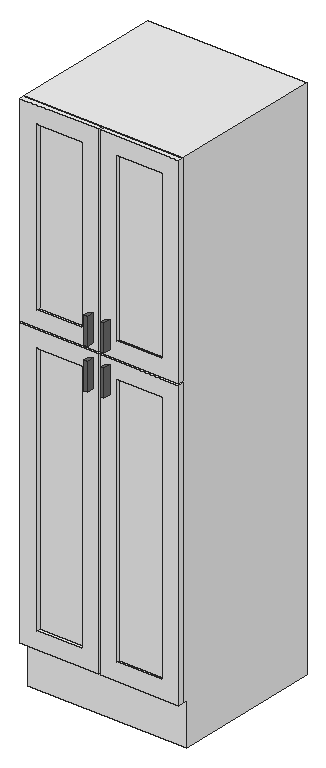
Revit family "M_Armário alto-Porta dupla(4)", category Componentes de gabinete, Revit 2019
Family settings
  Número OmniClass = 23.40.35.17.47.11
  Título OmniClass = Kitchen Casework
  ID de item do Seek = Tall Cabinet-Double Door(4)-0000-CAN-ENU
  Com base no plano de trabalho = Não
  Sempre na vertical = Sim
  Corte com vazios quando carregada = Não
  Compartilhado = Não
  Ponto de cálculo do ambiente = Não
Parameters (values of type "600mm")
  Material do armário = none
  Linear = 600 mm
  Material da porta/gaveta = none
  Material do puxador = Armários - Puxadores
  Altura = 2000 mm
  Material do painel = Armários - Painel
  Profundidade da plataforma = 35 mm
  Altura do plinto = 160 mm
  Width = 600 mm
Types (3, lengths in mm): name | Width
  (no name) | 600
  1000mm | 1000
  600mm | 600
Reference planes
  plane 1 "Parte posterior": y = 0
  plane 2: z = 1.587
  plane 3 "Centro": x = 18.738
  plane 4 "Esquerda": x = -281.262
  plane 5 "Direita": x = 318.738
  plane 6 "Parte frontal": y = -600
  plane 7 "Superior": z = 2000
  plane 8: y = -565
  plane 9: z = 161.587
  plane 10: z = 703.068
  plane 11: z = 1244.548
  plane 12: z = 1622.274
Forms (mm)
  Extrusion 1, solid, material <- "Material do armário"
    sketch origin (0, -600, 0) x (1, 0, 0) y (0, 0, 1)
      loop
        line (-281.262, 161.587) -> (318.738, 161.587) -> (318.738, 2000) -> (-281.262, 2000) -> (-281.262, 161.587)
      loop
        line (-262.212, 1980.95) -> (-262.212, 180.637) -> (299.688, 180.637) -> (299.688, 1980.95) -> (-262.212, 1980.95)
    from -19.05 to -600
  Extrusion 2, solid, material <- "Material do armário"
    sketch origin (0, 0, 0) x (1, 0, 0) y (0, 0, 1)
      loop
        line (-262.212, 1980.95) -> (-262.212, 180.637) -> (299.688, 180.637) -> (299.688, 1980.95) -> (-262.212, 1980.95)
    from 0 to 19.05
  Extrusion 3, solid, material <- "Material da porta/gaveta"
    sketch origin (0, -600, 0) x (1, 0, 0) y (0, 0, 1)
      loop
        line (-281.262, 2000) -> (-281.262, 1247.723) -> (15.563, 1247.723) -> (15.563, 2000) -> (-281.262, 2000)
      loop
        line (318.738, 2000) -> (21.913, 2000) -> (21.913, 1247.723) -> (318.738, 1247.723) -> (318.738, 2000)
      loop
        line (318.738, 161.587) -> (318.738, 1241.373) -> (21.913, 1241.373) -> (21.913, 161.587) -> (318.738, 161.587)
      loop
        line (-281.262, 161.587) -> (15.563, 161.587) -> (15.563, 1241.373) -> (-281.262, 1241.373) -> (-281.262, 161.587)
      loop
        line (-217.762, 1936.5) -> (-217.762, 1308.048) -> (-44.762, 1308.048) -> (-44.762, 1936.5) -> (-217.762, 1936.5)
      loop
        line (82.238, 1936.5) -> (82.238, 1308.048) -> (255.238, 1308.048) -> (255.238, 1936.5) -> (82.238, 1936.5)
      loop
        line (-217.762, 1181.048) -> (-217.762, 225.087) -> (-44.762, 225.087) -> (-44.762, 1181.048) -> (-217.762, 1181.048)
      loop
        line (255.238, 1181.048) -> (82.238, 1181.048) -> (82.238, 225.087) -> (255.238, 225.087) -> (255.238, 1181.048)
    from 0 to -19.05
  Extrusion 4, solid, material <- "Material do armário"
    sketch origin (0, 0, 1.587) x (1, 0, 0) y (0, 1, 0)
      loop
        line (-281.262, 0) -> (-281.262, -565) -> (318.738, -565) -> (318.738, 0) -> (-281.262, 0)
    from 0 to 160
  Extrusion 5, solid, material "Armários - Painel" <- "Material do painel"
    sketch origin (0, -600, 0) x (1, 0, 0) y (0, 0, 1)
      loop
        line (-217.762, 1936.5) -> (-217.762, 1308.048) -> (-44.762, 1308.048) -> (-44.762, 1936.5) -> (-217.762, 1936.5)
      loop
        line (82.238, 1936.5) -> (82.238, 1308.048) -> (255.238, 1308.048) -> (255.238, 1936.5) -> (82.238, 1936.5)
      loop
        line (-217.762, 1181.048) -> (-217.762, 225.087) -> (-44.762, 225.087) -> (-44.762, 1181.048) -> (-217.762, 1181.048)
      loop
        line (82.238, 1181.048) -> (82.238, 225.087) -> (255.238, 225.087) -> (255.238, 1181.048) -> (82.238, 1181.048)
    from -12.7 to -19.05
  Extrusion 6, solid, material "Armários - Puxadores" <- "Material do puxador"
    sketch origin (0, -600, 0) x (1, 0, 0) y (0, 0, 1)
      loop
        line (-19.195, 1371.548) -> (-19.195, 1269.948) -> (-6.662, 1269.948) -> (-6.662, 1371.548) -> (-19.195, 1371.548)
      loop
        line (44.138, 1371.548) -> (44.138, 1269.948) -> (56.67, 1269.948) -> (56.67, 1371.548) -> (44.138, 1371.548)
      loop
        line (-19.195, 1219.148) -> (-19.195, 1117.548) -> (-6.662, 1117.548) -> (-6.662, 1219.148) -> (-19.195, 1219.148)
      loop
        line (44.138, 1219.148) -> (44.138, 1117.548) -> (56.67, 1117.548) -> (56.67, 1219.148) -> (44.138, 1219.148)
    from 0 to 25.4
Cuts and joins
  joined: Extrusion 1, Extrusion 2, Extrusion 4
Lines and regions (mm)
  Masking region 1
    outline origin (0, 0, 1.587) x (1, 0, 0) y (0, 1, 0)
      loop
        line (-281.262, 0) -> (-281.262, -600) -> (318.738, -600) -> (318.738, 0) -> (-281.262, 0)
  model lines
    curve 1: line (255.238, -600, 225.087) -> (82.238, -600, 225.087)
    curve 2: line (255.238, -600, 1181.048) -> (255.238, -600, 225.087)
    curve 3: line (82.238, -600, 1181.048) -> (255.238, -600, 1181.048)
    curve 4: line (82.238, -600, 225.087) -> (82.238, -600, 1181.048)
    curve 5: line (-44.762, -600, 225.087) -> (-217.762, -600, 225.087)
    curve 6: line (-44.762, -600, 1181.048) -> (-44.762, -600, 225.087)
    curve 7: line (-217.762, -600, 1181.048) -> (-44.762, -600, 1181.048)
    curve 8: line (-217.762, -600, 225.087) -> (-217.762, -600, 1181.048)
    curve 9: line (-217.762, -600, 1936.5) -> (-44.762, -600, 1936.5)
    curve 10: line (-217.762, -600, 1308.048) -> (-217.762, -600, 1936.5)
    curve 11: line (-44.762, -600, 1308.048) -> (-217.762, -600, 1308.048)
    curve 12: line (-44.762, -600, 1936.5) -> (-44.762, -600, 1308.048)
    curve 13: line (82.238, -600, 1936.5) -> (255.238, -600, 1936.5)
    curve 14: line (82.238, -600, 1308.048) -> (82.238, -600, 1936.5)
    curve 15: line (255.238, -600, 1308.048) -> (82.238, -600, 1308.048)
    curve 16: line (255.238, -600, 1936.5) -> (255.238, -600, 1308.048)
    curve 17: line (-281.262, -600, 1244.548) -> (318.738, -600, 1244.548)
    curve 18: line (44.138, -600, 1269.948) -> (56.67, -600, 1269.948)
    curve 19: line (44.138, -600, 1371.548) -> (44.138, -600, 1269.948)
    curve 20: line (56.67, -600, 1371.548) -> (44.138, -600, 1371.548)
    curve 21: line (56.67, -600, 1269.948) -> (56.67, -600, 1371.548)
    curve 22: line (-6.662, -600, 1269.948) -> (-19.195, -600, 1269.948)
    curve 23: line (-6.662, -600, 1371.548) -> (-6.662, -600, 1269.948)
    curve 24: line (-19.195, -600, 1371.548) -> (-6.662, -600, 1371.548)
    curve 25: line (-19.195, -600, 1269.948) -> (-19.195, -600, 1371.548)
    curve 26: line (44.138, -600, 1219.148) -> (56.67, -600, 1219.148)
    curve 27: line (44.138, -600, 1117.548) -> (44.138, -600, 1219.148)
    curve 28: line (56.67, -600, 1117.548) -> (44.138, -600, 1117.548)
    curve 29: line (56.67, -600, 1219.148) -> (56.67, -600, 1117.548)
    curve 30: line (-6.662, -600, 1219.148) -> (-19.195, -600, 1219.148)
    curve 31: line (-6.662, -600, 1117.548) -> (-6.662, -600, 1219.148)
    curve 32: line (-19.195, -600, 1117.548) -> (-6.662, -600, 1117.548)
    curve 33: line (-19.195, -600, 1219.148) -> (-19.195, -600, 1117.548)
    curve 34: line (18.738, -600, 2000) -> (18.738, -600, 161.587)
  symbolic lines, style "Giro da elevação"
    curve 35: line (15.563, 0, 1980.95) -> (-262.212, 0, 1622.274)
    curve 36: line (-262.212, 0, 1622.274) -> (15.563, 0, 1247.723)
    curve 37: line (21.913, 0, 1247.723) -> (299.688, 0, 1622.274)
    curve 38: line (299.688, 0, 1622.274) -> (23.47, 0, 1980.95)
    curve 39: line (15.563, 0, 180.637) -> (-262.212, 0, 703.068)
    curve 40: line (-262.212, 0, 703.068) -> (15.563, 0, 1241.373)
    curve 41: line (21.913, 0, 180.637) -> (299.688, 0, 703.068)
    curve 42: line (299.688, 0, 703.068) -> (21.913, 0, 1241.373)
Dimensions and locks
  "Linear": plane 6 "Parte frontal" to plane 1 "Parte posterior"
  "Width": plane 4 "Esquerda" to plane 5 "Direita"
  equal spacing: plane 4 "Esquerda", plane 3 "Centro", plane 5 "Direita"
  "Altura": level to plane 7 "Superior"
  "Altura do plinto": plane 2 to plane 9
  "Profundidade da plataforma": plane 6 "Parte frontal" to plane 8
  locked: plane 7 "Superior" to plane 11 at 755.452
  equal spacing: plane 11, plane 10, plane 9
  equal spacing: plane 7 "Superior", plane 12, plane 11
  aligned and locked: Extrusion 1 to plane 1 "Parte posterior"
  aligned and locked: Extrusion 4 to plane 9
  aligned and locked: Extrusion 1 to Extrusion 3
  aligned and locked: plane 5 "Direita" to Masking region 1 sketch curve
  aligned and locked: plane 1 "Parte posterior" to Masking region 1 sketch curve
  aligned and locked: Masking region 1 sketch curve to plane 4 "Esquerda"
  aligned and locked: Masking region 1 sketch curve to plane 6 "Parte frontal"
Automatic sketch dimensions
  Extrusion 1 sketch curve to plane 4 "Esquerda" = 0 mm
  Extrusion 1 sketch curve to plane 5 "Direita" = 0 mm
  Extrusion 1 sketch curve to plane 9 = 0 mm
  Extrusion 1 sketch curve to plane 7 "Superior" = 0 mm
  Extrusion 1 sketch curve to plane 4 "Esquerda" = 19.05 mm
  plane 5 "Direita" to Extrusion 1 sketch curve = 19.05 mm
  Extrusion 1 sketch curve to Extrusion 1 sketch curve = 19.05 mm
  plane 7 "Superior" to Extrusion 1 sketch curve = 19.05 mm
  Extrusion 2 sketch curve to plane 4 "Esquerda" = 19.05 mm
  plane 5 "Direita" to Extrusion 2 sketch curve = 19.05 mm
  Extrusion 2 sketch curve to plane 9 = 19.05 mm
  plane 7 "Superior" to Extrusion 2 sketch curve = 19.05 mm
  Extrusion 4 sketch curve to plane 4 "Esquerda" = 0 mm
  Extrusion 4 sketch curve to plane 5 "Direita" = 0 mm
  Extrusion 4 sketch curve to plane 8 = 0 mm
  Extrusion 4 sketch curve to plane 1 "Parte posterior" = 0 mm
  Extrusion 3 sketch curve to plane 4 "Esquerda" = 0 mm  (x2)
  Extrusion 3 sketch curve to plane 9 = 0 mm  (x2)
  Extrusion 3 sketch curve to plane 7 "Superior" = 0 mm  (x2)
  Extrusion 3 sketch curve to plane 5 "Direita" = 0 mm  (x2)
  Extrusion 3 sketch curve to plane 4 "Esquerda" = 63.5 mm  (x2)
  Extrusion 3 sketch curve to plane 3 "Centro" = 63.5 mm  (x2)
  Extrusion 3 sketch curve to plane 3 "Centro" = 3.175 mm  (x2)
  plane 3 "Centro" to Extrusion 3 sketch curve = 3.175 mm  (x2)
  plane 3 "Centro" to Extrusion 3 sketch curve = 63.5 mm  (x2)
  plane 5 "Direita" to Extrusion 3 sketch curve = 63.5 mm  (x2)
  Extrusion 3 sketch curve to plane 9 = 63.5 mm  (x2)
  Extrusion 3 sketch curve to plane 11 = 63.5 mm  (x2)
  Extrusion 3 sketch curve to plane 11 = 3.175 mm  (x2)
  plane 11 to Extrusion 3 sketch curve = 3.175 mm  (x2)
  plane 11 to Extrusion 3 sketch curve = 63.5 mm  (x2)
  plane 7 "Superior" to Extrusion 3 sketch curve = 63.5 mm  (x2)
  Extrusion 5 sketch curve to plane 4 "Esquerda" = 63.5 mm  (x2)
  Extrusion 5 sketch curve to plane 3 "Centro" = 63.5 mm  (x2)
  plane 3 "Centro" to Extrusion 5 sketch curve = 63.5 mm  (x2)
  plane 5 "Direita" to Extrusion 5 sketch curve = 63.5 mm  (x2)
  Extrusion 5 sketch curve to plane 9 = 63.5 mm  (x2)
  Extrusion 5 sketch curve to plane 11 = 63.5 mm  (x2)
  plane 11 to Extrusion 5 sketch curve = 63.5 mm  (x2)
  plane 7 "Superior" to Extrusion 5 sketch curve = 63.5 mm  (x2)
  Extrusion 6 sketch curve to plane 3 "Centro" = 37.932 mm  (x2)
  Extrusion 6 sketch curve to Extrusion 6 sketch curve = 12.532 mm  (x4)
  plane 3 "Centro" to Extrusion 6 sketch curve = 25.4 mm  (x2)
  Extrusion 6 sketch curve to plane 11 = 127 mm
  Extrusion 6 sketch curve to Extrusion 6 sketch curve = 0 mm  (x2)
  Extrusion 6 sketch curve to plane 11 = 25.4 mm  (x2)
  plane 11 to Extrusion 6 sketch curve = 25.4 mm  (x2)
  Extrusion 6 sketch curve to Extrusion 6 sketch curve = 101.6 mm
  curve 17 to plane 5 "Direita" = 0 mm
  curve 38 to plane 12 = 0 mm
  curve 42 to plane 10 = 0 mm
  curve 34 to plane 3 "Centro" = 0 mm
  curve 36 to plane 12 = 0 mm
  curve 40 to plane 10 = 0 mm
  curve 17 to plane 4 "Esquerda" = 0 mm
  curve 34 to plane 7 "Superior" = 0 mm
  curve 17 to plane 11 = 0 mm
  curve 34 to plane 9 = 0 mm
  plane 5 "Direita" to curve 41 = 19.05 mm
  plane 5 "Direita" to curve 38 = 19.05 mm
  plane 5 "Direita" to curve 3 = 63.5 mm
  plane 5 "Direita" to curve 13 = 63.5 mm
  plane 3 "Centro" to curve 4 = 63.5 mm
  plane 3 "Centro" to curve 15 = 63.5 mm
  plane 3 "Centro" to curve 29 = 37.932 mm
  plane 3 "Centro" to curve 21 = 37.932 mm
  curve 26 to curve 26 = 12.532 mm
  curve 18 to curve 18 = 12.532 mm
  plane 3 "Centro" to curve 38 = 4.732 mm
  plane 3 "Centro" to curve 37 = 3.175 mm
  plane 3 "Centro" to curve 42 = 3.175 mm
  plane 3 "Centro" to curve 41 = 3.175 mm
  curve 40 to plane 3 "Centro" = 3.175 mm
  curve 39 to plane 3 "Centro" = 3.175 mm
  curve 36 to plane 3 "Centro" = 3.175 mm
  curve 35 to plane 3 "Centro" = 3.175 mm
  curve 24 to plane 3 "Centro" = 25.4 mm
  curve 30 to plane 3 "Centro" = 25.4 mm
  curve 23 to curve 25 = 12.532 mm
  curve 30 to curve 30 = 12.532 mm
  curve 22 to curve 12 = 25.568 mm
  curve 5 to plane 3 "Centro" = 63.5 mm
  curve 10 to plane 4 "Esquerda" = 63.5 mm
  curve 8 to plane 4 "Esquerda" = 63.5 mm
  curve 36 to plane 4 "Esquerda" = 19.05 mm
  curve 40 to plane 4 "Esquerda" = 19.05 mm
  plane 7 "Superior" to curve 38 = 19.05 mm
  curve 35 to curve 38 = 0 mm
  plane 7 "Superior" to curve 13 = 63.5 mm
  plane 7 "Superior" to curve 12 = 63.5 mm
  plane 11 to curve 20 = 127 mm
  curve 24 to curve 19 = 0 mm
  plane 11 to curve 11 = 63.5 mm
  plane 11 to curve 14 = 63.5 mm
  plane 11 to curve 22 = 25.4 mm
  plane 11 to curve 18 = 25.4 mm
  plane 11 to curve 37 = 3.175 mm
  plane 11 to curve 36 = 3.175 mm
  curve 42 to plane 11 = 3.175 mm
  curve 40 to plane 11 = 3.175 mm
  curve 30 to plane 11 = 25.4 mm
  curve 29 to plane 11 = 25.4 mm
  curve 30 to curve 7 = 38.1 mm
  curve 2 to plane 11 = 63.5 mm
  curve 6 to curve 32 = 63.5 mm
  curve 27 to curve 31 = 0 mm
  curve 5 to plane 9 = 63.5 mm
  curve 1 to plane 9 = 63.5 mm
  curve 41 to plane 9 = 19.05 mm
  curve 39 to curve 41 = 0 mm
